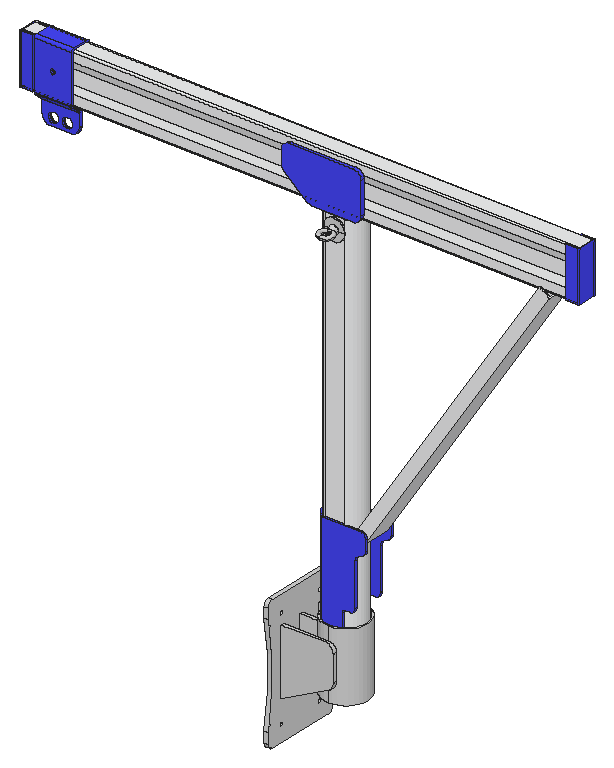
Revit family "FallProtection_DavitBase_Kattsafe_WallMount", category Specialty Equipment, Revit 2025
Family settings
  Round Connector Dimension = Use Diameter
  Part Type = Normal
  OmniClass Number = 23.27.71.21
  Work Plane-Based = No
  Enable Cutting in Views = No
  Always vertical = Yes
  Cut with Voids When Loaded = No
  Maintain Annotation Orientation = No
  Shared = No
  Room Calculation Point = No
Parameters (values of type "1000mm Reach - 1600H (OH510.1600 + OH521)")
  Uniclass2015Version = "Products v1.23"
  Uniclass2015Title = "Davit arms"
  Uniclass2015Code = "Pr_40_70_75_21"
  URL = "https://kattsafe.com.au/"
  Type IFC Predefined Type = "USERDEFINED"
  Type Comments = "1000mm Reach - 1600mm Height Clearance"
  SafetyDisclaimer [instance] = "WARNING! The correct placement of access, fall protection and facade maintenance systems is critical to ensure it is fit-for-purpose and safe for the operator to use. Did you know Kattsafe® have a dedicated team of Height Safety System Design Specialists? Kattsafe® provide one-on-one consultation and system design assistance to ensure you are meeting the stringent requirements of height safety and to give you PEACE OF MIND with your project."  # constant formula
  RightOffset = 907 mm
  OperationalRangeVis [instance] = yes
  OperationalRangeRadius = 1070 mm
  OperationalRangeOA = 1199 mm
  ModifiedIssue = 20240430
  Model = "OH510.1600 + OH521"
  ManufacturerURLProductSpecific = "https://kattsafe.com.au/products/davits-needles/davits"
  ManufacturerSpecCode = Model  # "OH510.1600 + OH521"
  ManufacturerOverallWidth = 2106 mm
  ManufacturerOverallHeight = 2026 mm
  ManufacturerOverallDepth = 300 mm
  ManufacturerHeightFromFFL [instance] = 200 mm
  Manufacturer = "Kattsafe®"  # constant formula
  IfcExportType = "USERDEFINED"
  IfcExportAs = "IfcElementComponentType"
  Export Type to IFC As = "IfcElementComponentType"
  ElementType = "Fall Protection"
  Description = "Kattsafe davits are designed as a cantilevered anchorage device over balustrades, parapets and curtain walls for rope access work."  # constant formula
  Default Elevation = 0 mm
  DavitArmVis = yes
  CreatedByURL = "https://igsgroup.com.au"
  CreatedBy = "IGS BIM Solutions"  # constant formula
  BaseMaterial = Steel_Stainless_Kattsafe_Satin
  Assembly Code = "E1090100"
  ArmWidth = 2106 mm
  ArmVerticalOffset [instance] = ManufacturerHeightFromFFL + 226 mm  # 426 mm
  ArmMaterial = Aluminum_Kattsafe_Satin
  ArmHeight = 1800 mm
  ArmBracketMaterial = Steel_PowderCoat_Kattsafe_Blue
Reference planes
  plane 1 "Center (Front/Back)": y = 0
  plane 2 "Ref. Level": z = 0
  plane 3 "Base Centre (Left/Right)": x = 0
  plane 4 "Back": y = 150
  plane 5 "Front": y = -150
  plane 6 "BaseRight": x = 83
  plane 7 "HostFace": x = -188.1
  plane 8 "MastSleeveTop": z = 650
  plane 9 "Top": z = 2226
  plane 10 "Right": x = 907
  plane 11 "Left": x = -1199
  plane 12 "MastSleeveBottom": z = 392
  plane 13 "Bottom": z = 200
  plane 14 "BaseTop": z = 700
Forms (mm)
  Extrusion 1, solid, material "Steel_Stainless_Kattsafe_Satin" <- "BaseMaterial"
    sketch origin (0, 0, 392) x (0, -1, 0) y (1, 0, 0)
      loop
        circle (0, 0) r 77.15
      loop
        circle (0, 0) r 82.55
    from 258 to 0
  Extrusion 2, solid, material "Steel_Stainless_Kattsafe_Satin" <- "BaseMaterial"
    sketch origin (-188.1, 0, 0) x (0, 1, 0) y (0, 0, 1)
      loop
        line (-130, 200) -> (130, 200)
        arc (130, 200) -> (144.142, 205.858) -> (150, 220) r 20
        line (150, 220) -> (150, 260)
        arc (150, 260) -> (130, 450) -> (150, 640) r 912.5
        line (150, 640) -> (150, 680)
        arc (150, 680) -> (144.142, 694.142) -> (130, 700) r 20
        line (130, 700) -> (-130, 700)
        arc (-130, 700) -> (-144.142, 694.142) -> (-150, 680) r 20
        line (-150, 680) -> (-150, 640)
        arc (-150, 640) -> (-130, 450) -> (-150, 260) r 912.5
        line (-150, 260) -> (-150, 220)
        arc (-150, 220) -> (-144.142, 205.858) -> (-130, 200) r 20
      loop
        circle (-90, 261.769) r 9
      loop
        circle (90, 261.769) r 9
      loop
        circle (-90, 638.231) r 9
      loop
        circle (90, 638.231) r 9
    from 0 to 16
  Extrusion 3, solid, material "Steel_Stainless_Kattsafe_Satin" <- "BaseMaterial"
    sketch origin (0, 0, 0) x (1, 0, 0) y (0, 0, 1)
      loop
        line (-2.1, 600) -> (-172.1, 600) -> (-172.1, 350) -> (11.52, 443.559)
        arc (11.52, 443.559) -> (23.479, 454.614) -> (27.9, 470.289) r 30
        line (27.9, 470.289) -> (27.9, 570)
        arc (27.9, 570) -> (19.113, 591.213) -> (-2.1, 600) r 30
    from 94.6 to 82.6
  Extrusion 4, solid, material "Steel_Stainless_Kattsafe_Satin" <- "BaseMaterial"
    sketch origin (0, 0, 0) x (1, 0, 0) y (0, 0, 1)
      loop
        line (-2.1, 600) -> (-172.1, 600) -> (-172.1, 350) -> (11.52, 443.559)
        arc (11.52, 443.559) -> (23.479, 454.614) -> (27.9, 470.289) r 30
        line (27.9, 470.289) -> (27.9, 570)
        arc (27.9, 570) -> (19.113, 591.213) -> (-2.1, 600) r 30
    from -94.6 to -82.6
  Extrusion 5, solid, material "Steel_Stainless_Kattsafe_Satin" <- "BaseMaterial"
    sketch origin (0, 0, 0) x (1, 0, 0) y (0, 0, 1)
      loop
        line (-172.1, 600) -> (-172.1, 392) -> (-79.672, 392) -> (-79.672, 600) -> (-172.1, 600)
    from -6 to 6
  Extrusion 6, solid, material "Steel_Stainless_Kattsafe_Satin" <- "BaseMaterial"
    sketch origin (2.1, 0, -15) x (1, 0, 0) y (0, 0, 1)
      loop
        line (-174.2, 407) -> (-174.2, 377) -> (-93.452, 377) -> (-54.2, 397) -> (-54.2, 407) -> (-174.2, 407)
    from -6 to 6
  Extrusion 7, solid, material "Steel_Stainless_Kattsafe_Satin" <- "BaseMaterial"
    sketch origin (0, 0, 392) x (0, -1, 0) y (1, 0, 0)
      loop
        circle (0, 0) r 82.55
      loop
        circle (0, 0) r 30
    from 0 to 6
Cuts and joins
  joined: Extrusion 1, Extrusion 5, Extrusion 6, Extrusion 7
Lines and regions (mm)
  Masking region 1
    outline origin (0, 0, 0) x (1, 0, 0) y (0, 1, 0)
      loop
        line (-188.1, 150) -> (-188.1, -150) -> (-172.1, -150) -> (-172.1, -94.6) -> (27.9, -94.6) -> (27.9, -82.6) -> (0, -82.6)
        arc (0, -82.6) -> (82.6, 0) -> (0, 82.6) r 82.6
        line (0, 82.6) -> (27.9, 82.6) -> (27.9, 94.6) -> (-172.1, 94.6) -> (-172.1, 150) -> (-188.1, 150)
  symbolic lines, style "Fall Arrest Systems", detail levels medium+fine
    curve 1: line (-172.1, 82.6, 392) -> (-172.1, -94.6, 392)
    curve 2: line (-172.1, 82.6, 392) -> (0, 82.6, 392)
    curve 3: line (-172.1, -82.6, 392) -> (0, -82.6, 392)
    curve 4: arc (0, 82.6, 392) -> (-82.6, 0, 392) -> (0, -82.6, 392) r 82.6
    curve 7: circle (0, 0, 392) r 77.2 normal (0, 0, 1)
    curve 8: circle (0, 0, 392) r 30 normal (0, 0, -1)
  symbolic lines, style "Fall Arrest Systems", detail levels fine
    curve 5: line (-172.1, 6, 392) -> (-82.382, 6, 392)
    curve 6: line (-172.1, -6, 392) -> (-82.382, -6, 392)
Text (mm)
  text "Disclaimer:\nDue to ongoing product development and manufacturing \nevolution, product details are subject to change without \nnotice. Please refer to product technical data sheets on \nthe manufacturers website for the most current product \ninformation. Please allow a +/- 5mm manufacturing \ntolerance for dimensions and set-outs shown in product \nliterature." at (1573.542, 159.228, 0), in view "Ref. Level"
Dimensions and locks
  equal spacing: plane 5 "Front", plane 1 "Center (Front/Back)", plane 4 "Back"
  "ManufacturerOverallDepth": plane 5 "Front" to plane 4 "Back"
  "ManufacturerOverallWidth": plane 11 "Left" to plane 10 "Right"
  "RightOffset": plane 3 "Base Centre (Left/Right)" to plane 10 "Right"
  locked: plane 7 "HostFace" to plane 6 "BaseRight" at 271.1
  locked: plane 12 "MastSleeveBottom" to plane 13 "Bottom" at 192
  "ManufacturerOverallHeight": plane 9 "Top" to plane 13 "Bottom"
  "ManufacturerHeightFromFFL": plane 13 "Bottom" to plane 2 "Ref. Level"
  locked: nested 8 to Extrusion 1 at 82.55
  locked: plane 3 "Base Centre (Left/Right)" to plane 6 "BaseRight" at 83
  plane 14 "BaseTop" to plane 8 "MastSleeveTop" = 50 mm
  locked: plane 14 "BaseTop" to plane 13 "Bottom" at 500
  aligned and locked: level to plane 2 "Ref. Level"
  aligned and locked: Extrusion 1 to plane 8 "MastSleeveTop"
  aligned and locked: plane 12 "MastSleeveBottom" to Extrusion 1
  aligned and locked: Extrusion 2 sketch curve to plane 14 "BaseTop"
  aligned and locked: plane 13 "Bottom" to Extrusion 2 sketch curve
Automatic sketch dimensions
  Extrusion 1 sketch curve to Extrusion 1 sketch curve = 0 mm  (x2)
  plane 1 "Center (Front/Back)" to Extrusion 1 sketch curve = 0 mm
  Extrusion 1 sketch curve to plane 3 "Base Centre (Left/Right)" = 0 mm
  Extrusion 7 sketch curve to Extrusion 7 sketch curve = 0 mm  (x2)
  plane 1 "Center (Front/Back)" to Extrusion 7 sketch curve = 0 mm
  Extrusion 7 sketch curve to plane 3 "Base Centre (Left/Right)" = 0 mm
  plane 7 "HostFace" to Extrusion 3 sketch curve = 16 mm
  Extrusion 3 sketch curve to plane 3 "Base Centre (Left/Right)" = 2.1 mm  (x2)
  plane 3 "Base Centre (Left/Right)" to Extrusion 3 sketch curve = 11.52 mm
  plane 3 "Base Centre (Left/Right)" to Extrusion 3 sketch curve = 27.9 mm
  plane 12 "MastSleeveBottom" to Extrusion 3 sketch curve = 42 mm
  Extrusion 3 sketch curve to plane 12 "MastSleeveBottom" = 51.559 mm
  plane 8 "MastSleeveTop" to Extrusion 3 sketch curve = 80 mm
  plane 7 "HostFace" to Extrusion 4 sketch curve = 16 mm
  Extrusion 4 sketch curve to plane 3 "Base Centre (Left/Right)" = 2.1 mm  (x2)
  plane 3 "Base Centre (Left/Right)" to Extrusion 4 sketch curve = 11.52 mm
  plane 3 "Base Centre (Left/Right)" to Extrusion 4 sketch curve = 27.9 mm
  plane 12 "MastSleeveBottom" to Extrusion 4 sketch curve = 42 mm
  Extrusion 4 sketch curve to plane 12 "MastSleeveBottom" = 51.559 mm
  plane 8 "MastSleeveTop" to Extrusion 4 sketch curve = 80 mm
  Extrusion 5 sketch curve to plane 12 "MastSleeveBottom" = 0 mm
  plane 7 "HostFace" to Extrusion 5 sketch curve = 16 mm
  Extrusion 5 sketch curve to plane 3 "Base Centre (Left/Right)" = 79.672 mm
  plane 8 "MastSleeveTop" to Extrusion 5 sketch curve = 50 mm
  Extrusion 6 sketch curve to plane 12 "MastSleeveBottom" = 0 mm
  plane 7 "HostFace" to Extrusion 6 sketch curve = 16 mm
  plane 12 "MastSleeveBottom" to Extrusion 6 sketch curve = 30 mm
  Extrusion 6 sketch curve to Extrusion 6 sketch curve = 80.748 mm
  Extrusion 6 sketch curve to Extrusion 6 sketch curve = 39.252 mm
  plane 12 "MastSleeveBottom" to Extrusion 6 sketch curve = 10 mm
  curve 4 to curve 7 = 0 mm  (x2)
  curve 4 to curve 8 = 0 mm  (x2)
  curve 7 to curve 8 = 0 mm  (x2)
  curve 4 to plane 3 "Base Centre (Left/Right)" = 0 mm
  plane 1 "Center (Front/Back)" to curve 4 = 0 mm
  plane 4 "Back" to curve 2 = 67.4 mm
  plane 7 "HostFace" to curve 1 = 16 mm
  curve 5 to plane 1 "Center (Front/Back)" = 6 mm
  plane 1 "Center (Front/Back)" to curve 6 = 6 mm
  curve 3 to curve 1 = 12 mm
  Extrusion 2 sketch curve to plane 5 "Front" = 0 mm  (x2)
  Extrusion 2 sketch curve to plane 4 "Back" = 0 mm  (x2)
  Extrusion 2 sketch curve to plane 12 "MastSleeveBottom" = 58 mm  (x2)
  plane 5 "Front" to Extrusion 2 sketch curve = 892.5 mm
  Extrusion 2 sketch curve to plane 5 "Front" = 20 mm  (x2)
  plane 8 "MastSleeveTop" to Extrusion 2 sketch curve = 11.769 mm  (x2)
  Extrusion 2 sketch curve to Extrusion 2 sketch curve = 40 mm  (x4)
  plane 4 "Back" to Extrusion 2 sketch curve = 60 mm  (x2)
  Extrusion 2 sketch curve to Extrusion 2 sketch curve = 20 mm  (x2)
  Extrusion 2 sketch curve to plane 4 "Back" = 892.5 mm
  Extrusion 2 sketch curve to Extrusion 2 sketch curve = 41.769 mm  (x2)
  plane 4 "Back" to Masking region 1 sketch curve = 0 mm
  Masking region 1 sketch curve to plane 7 "HostFace" = 0 mm
  plane 5 "Front" to Masking region 1 sketch curve = 0 mm
  Masking region 1 sketch curve to plane 3 "Base Centre (Left/Right)" = 0 mm  (x3)
  plane 1 "Center (Front/Back)" to Masking region 1 sketch curve = 0 mm
  plane 7 "HostFace" to Masking region 1 sketch curve = 16 mm  (x2)
  plane 3 "Base Centre (Left/Right)" to Masking region 1 sketch curve = 27.9 mm
  Masking region 1 sketch curve to Masking region 1 sketch curve = 27.9 mm
  Masking region 1 sketch curve to plane 5 "Front" = 55.4 mm
  Masking region 1 sketch curve to Masking region 1 sketch curve = 12 mm  (x2)
  plane 4 "Back" to Masking region 1 sketch curve = 67.4 mm
  Masking region 1 sketch curve to Masking region 1 sketch curve = 0 mm
  radius of Extrusion 1 sketch curve = 77.15 mm
  radius of Extrusion 1 sketch curve = 82.55 mm
  radius of Extrusion 7 sketch curve = 82.55 mm
  radius of Extrusion 7 sketch curve = 30 mm
  radius of curve 7 = 77.2 mm
  radius of curve 8 = 30 mm
  radius of Extrusion 2 sketch curve = 9 mm  (x4)
Nested families
  nested 1: "Ropeaccess_Davitarm_Kattsafe" at (607, 0, 426), visible <- "DavitArmVis", built-in parameter 1001364 <- "ArmVerticalOffset", ManufacturerOverallHeight <- "ArmHeight", ManufacturerOverallWidth <- "ArmWidth", type "Type 1"
    with ManufacturerOverallWidth 2106 mm, ManufacturerOverallHeight 1800 mm, ManufacturerHeightFromFFL 0 mm
  nested 2: "OperationalReach_DavitArm_Kattsafe" at (0, 0, 200) x (-0.7071, -0.7071, 0) z (0, 0, -1), OperationalReach <- "OperationalRangeOA", visible <- "OperationalRangeVis", CircleRadius <- "OperationalRangeRadius", type "Type 1"
    with OperationalReach 1199 mm, CircleVis yes, CircleRadius 1070 mm
  nested 3: "OperationalReach_DavitArm_Kattsafe" at (0, 0, 200) x (0.7071, -0.7071, 0) z (0, 0, -1), OperationalReach <- "OperationalRangeOA", visible <- "OperationalRangeVis", CircleRadius <- "OperationalRangeOA", type "Type 1"
    with OperationalReach 1199 mm, CircleVis no, CircleRadius 1199 mm
  nested 4: "OperationalReach_DavitArm_Kattsafe" at (0, 0, 200) x (-1, 0, 0) z (0, 0, -1), OperationalReach <- "OperationalRangeOA", visible <- "OperationalRangeVis", CircleRadius <- "OperationalRangeOA", type "Type 1"
    with OperationalReach 1199 mm, CircleVis no, CircleRadius 1199 mm
  nested 5: "OperationalReach_DavitArm_Kattsafe" at (0, 0, 200) x (-0.7071, 0.7071, 0) z (0, 0, -1), OperationalReach <- "OperationalRangeOA", visible <- "OperationalRangeVis", CircleRadius <- "OperationalRangeOA", type "Type 1"
    with OperationalReach 1199 mm, CircleVis no, CircleRadius 1199 mm
  nested 6: "OperationalReach_DavitArm_Kattsafe" at (0, 0, 200) x (0, 1, 0) z (0, 0, -1), OperationalReach <- "OperationalRangeOA", visible <- "OperationalRangeVis", CircleRadius <- "OperationalRangeOA", type "Type 1"
    with OperationalReach 1199 mm, CircleVis no, CircleRadius 1199 mm
  nested 7: "OperationalReach_DavitArm_Kattsafe" at (0, 0, 200) x (0.7071, 0.7071, 0) z (0, 0, -1), OperationalReach <- "OperationalRangeOA", visible <- "OperationalRangeVis", CircleRadius <- "OperationalRangeOA", type "Type 1"
    with OperationalReach 1199 mm, CircleVis no, CircleRadius 1199 mm
  nested 8: "OperationalReach_DavitArm_Kattsafe" at (0, 0, 200) x (1, 0, 0) z (0, 0, -1), OperationalReach <- "OperationalRangeOA", visible <- "OperationalRangeVis", CircleRadius <- "OperationalRangeOA", type "Type 1"
    with OperationalReach 1199 mm, CircleVis no, CircleRadius 1199 mm
Definition of nested family "Ropeaccess_Davitarm_Kattsafe"
  Parameters (values of type "Type 1")
    Uniclass2015Version = "Products v1.20"
    Uniclass2015Title = "Davit arms"
    Uniclass2015Code = "Pr_40_70_75_21"
    URL = "https://kattsafe.com.au/"
    Type IFC Predefined Type = "NOTDEFINED\r\nq"
    Type Comments = ""
    ModifiedIssue = 20210726
    Model = ""
    ManufacturerURLProductSpecific = ""
    ManufacturerSpecCode = Model  # ""
    ManufacturerOverallWidth [instance] = 2106 mm
    ManufacturerOverallHeight [instance] = 1805 mm
    ManufacturerOverallDepth = 246.6 mm
    ManufacturerHeightFromFFL [instance] = 0 mm
    Manufacturer = "Sayfa"  # constant formula
    IfcExportType = "NOTDEFINED\r\nq"
    IfcExportAs = "IfcElementComponentType"
    FixingMaterials = none
    Export Type to IFC As = "IfcElementComponentType"
    Description = "A Proprietary Facade Rope Access System Providing Access Over Non\r\nLoad-bearing Parapets, Balustrades And Curtain Walls"
    Default Elevation = 0 mm
    CreatedByURL = "https://igsgroup.com.au"
    CreatedBy = "IGS BIM Solutions"  # constant formula
    BracketMaterial = none
    ArmMaterial = none
  Reference planes
    plane 1 "Centre (Front/Back)": y = 0
    plane 2 "Ref. Level": z = 0
    plane 3 "MastCentre": x = -607
    plane 4 "Back": y = 123.3
    plane 5 "Front": y = -123.3
    plane 6 "Right": x = 300
    plane 7 "Left": x = -1806
    plane 8 "Bottom": z = 0
    plane 9 "Centre (Elevation)": z = 902.5
    plane 10 "Top": z = 1805
    plane 11 "BaseTop": z = 570
    plane 12 "BraceBottomPivot": z = 540
    plane 13 "ArmTop": z = 1800
    plane 14 "ArmBack": y = 35
    plane 15 "ArmFront": y = -35
    plane 16 "ArmBottom": z = 1610
    plane 17 "ArmLeft": x = -1803
    plane 18 "ArmRight": x = 297
    plane 19 "RiggingAnchor": x = -1677
    plane 20 "BraceTopPivot": z = 1630.005
    plane 21 "ArmBracePivot": x = 187
    plane 22 "ArmCentre_Elevation": z = 1705
    plane 23 "MastJoinTop": z = 1780
    plane 24 "MastJoinBottom": z = 1600
    plane 25 "MastJoinRight": x = -512
    plane 26 "MastJoinLeft": x = -812
    plane 27 "MastFront": y = -56.8
    plane 28 "MastBack": y = 56.8
    plane 29 "BraceTop": z = 1616.005
    plane 30 "BracketCentre": z = 1555
    plane 31 "BracketFrontCentre": y = -94
    plane 32 "BracketBackCentre": y = 94
  Forms (mm)
    Extrusion 1, solid, material <- "ArmMaterial"
      sketch origin (297, 0, 0) x (0, 1, 0) y (0, 0, 1)
        loop
          arc (30, 1610) -> (33.536, 1611.464) -> (35, 1615) r 5
          line (35, 1615) -> (35, 1650) -> (25, 1678) -> (25, 1732) -> (35, 1760) -> (35, 1795)
          arc (35, 1795) -> (33.536, 1798.536) -> (30, 1800) r 5
          line (30, 1800) -> (-30, 1800)
          arc (-30, 1800) -> (-33.536, 1798.536) -> (-35, 1795) r 5
          line (-35, 1795) -> (-35, 1760) -> (-25, 1732) -> (-25, 1678) -> (-35, 1650) -> (-35, 1615)
          arc (-35, 1615) -> (-33.536, 1611.464) -> (-30, 1610) r 5
          line (-30, 1610) -> (30, 1610)
      from -2100 to 0
    Extrusion 2, solid, material <- "BracketMaterial"
      sketch origin (0, 0, 1800) x (0, -1, 0) y (1, 0, 0)
        loop
          arc (34, -1806) -> (36.828, -1804.828) -> (38, -1802) r 4
          line (38, -1802) -> (38, -1756) -> (35, -1756) -> (35, -1802)
          arc (35, -1802) -> (34.707, -1802.707) -> (34, -1803) r 1
          line (34, -1803) -> (-34, -1803)
          arc (-34, -1803) -> (-34.707, -1802.707) -> (-35, -1802) r 1
          line (-35, -1802) -> (-35, -1756) -> (-38, -1756) -> (-38, -1802)
          arc (-38, -1802) -> (-36.828, -1804.828) -> (-34, -1806) r 4
          line (-34, -1806) -> (34, -1806)
        loop
          line (34, 300) -> (-34, 300)
          arc (-34, 300) -> (-36.828, 298.828) -> (-38, 296) r 4
          line (-38, 296) -> (-38, 250) -> (-35, 250) -> (-35, 296)
          arc (-35, 296) -> (-34.707, 296.707) -> (-34, 297) r 1
          line (-34, 297) -> (34, 297)
          arc (34, 297) -> (34.707, 296.707) -> (35, 296) r 1
          line (35, 296) -> (35, 250) -> (38, 250) -> (38, 296)
          arc (38, 296) -> (36.828, 298.828) -> (34, 300) r 4
      from 0 to -190
    Extrusion 3, solid, material <- "ArmMaterial"
      sketch origin (0, 0, 0) x (0, -1, 0) y (1, 0, 0)
        loop
          line (56.8, -647) -> (51.8, -647) -> (51.8, -567) -> (56.8, -567)
          arc (56.8, -567) -> (0, -537) -> (-56.8, -567) r 68.771
          line (-56.8, -567) -> (-51.8, -567) -> (-51.8, -647) -> (-56.8, -647)
          arc (-56.8, -647) -> (0, -677) -> (56.8, -647) r 68.771
      from 0 to 1600
    Extrusion 4, solid, material <- "BracketMaterial"
      sketch origin (0, -35, 0) x (1, 0, 0) y (0, 0, 1)
        loop
          line (-542, 1780) -> (-782, 1780)
          arc (-782, 1780) -> (-803.213, 1771.213) -> (-812, 1750) r 30
          line (-812, 1750) -> (-812, 1701.256)
          arc (-812, 1701.256) -> (-809.189, 1688.577) -> (-801.284, 1678.274) r 30
          line (-801.284, 1678.274) -> (-716.365, 1607.019)
          arc (-716.365, 1607.019) -> (-707.341, 1601.809) -> (-697.081, 1600) r 30
          line (-697.081, 1600) -> (-542, 1600)
          arc (-542, 1600) -> (-520.787, 1608.787) -> (-512, 1630) r 30
          line (-512, 1630) -> (-512, 1750)
          arc (-512, 1750) -> (-520.787, 1771.213) -> (-542, 1780) r 30
      from 0 to 12.508
    Extrusion 5, solid, material <- "BracketMaterial"
      sketch origin (0, 35, 0) x (1, 0, 0) y (0, 0, 1)
        loop
          line (-542, 1780) -> (-782, 1780)
          arc (-782, 1780) -> (-803.213, 1771.213) -> (-812, 1750) r 30
          line (-812, 1750) -> (-812, 1701.256)
          arc (-812, 1701.256) -> (-809.189, 1688.577) -> (-801.284, 1678.274) r 30
          line (-801.284, 1678.274) -> (-716.365, 1607.019)
          arc (-716.365, 1607.019) -> (-707.341, 1601.809) -> (-697.081, 1600) r 30
          line (-697.081, 1600) -> (-542, 1600)
          arc (-542, 1600) -> (-520.787, 1608.787) -> (-512, 1630) r 30
          line (-512, 1630) -> (-512, 1750)
          arc (-512, 1750) -> (-520.787, 1771.213) -> (-542, 1780) r 30
      from 0 to -12.5
    Extrusion 6, solid, material <- "ArmMaterial"
      sketch origin (0, 0, 1610) x (0, -1, 0) y (1, 0, 0)
        loop
          arc (-35, -667.427) -> (0, -677) -> (35, -667.427) r 68.771
          line (35, -667.427) -> (35, -546.573)
          arc (35, -546.573) -> (0, -537) -> (-35, -546.573) r 68.771
          line (-35, -546.573) -> (-35, -667.427)
      from 0 to -10
    Extrusion 7, solid, material <- "BracketMaterial"
      sketch origin (-1677, 0, 0) x (0, 1, 0) y (0, 0, 1)
        loop
          line (-30, 1800) -> (30, 1800)
          arc (30, 1800) -> (33.536, 1798.536) -> (35, 1795) r 5
          line (35, 1795) -> (35, 1610.432)
          arc (35, 1610.432) -> (34.918, 1610.035) -> (34.686, 1609.704) r 1
          line (34.686, 1609.704) -> (2.386, 1579.277)
          arc (2.386, 1579.277) -> (0.992, 1577.288) -> (0.5, 1574.909) r 6
          line (0.5, 1574.909) -> (0.5, 1495.5) -> (5.5, 1495.5) -> (5.5, 1574.909)
          arc (5.5, 1574.909) -> (5.582, 1575.306) -> (5.814, 1575.637) r 1
          line (5.814, 1575.637) -> (38.114, 1606.064)
          arc (38.114, 1606.064) -> (39.508, 1608.053) -> (40, 1610.432) r 6
          line (40, 1610.432) -> (40, 1795)
          arc (40, 1795) -> (37.071, 1802.071) -> (30, 1805) r 10
          line (30, 1805) -> (-30, 1805)
          arc (-30, 1805) -> (-37.071, 1802.071) -> (-40, 1795) r 10
          line (-40, 1795) -> (-40, 1610.432)
          arc (-40, 1610.432) -> (-39.508, 1608.053) -> (-38.114, 1606.064) r 6
          line (-38.114, 1606.064) -> (-5.814, 1575.637)
          arc (-5.814, 1575.637) -> (-5.582, 1575.306) -> (-5.5, 1574.909) r 1
          line (-5.5, 1574.909) -> (-5.5, 1495.5) -> (-0.5, 1495.5) -> (-0.5, 1574.909)
          arc (-0.5, 1574.909) -> (-0.992, 1577.288) -> (-2.386, 1579.277) r 6
          line (-2.386, 1579.277) -> (-34.686, 1609.704)
          arc (-34.686, 1609.704) -> (-34.918, 1610.035) -> (-35, 1610.432) r 1
          line (-35, 1610.432) -> (-35, 1795)
          arc (-35, 1795) -> (-33.536, 1798.536) -> (-30, 1800) r 5
      from -70 to 70
    Extrusion 8, void
      sketch origin (0, 0, 0) x (1, 0, 0) y (0, 0, 1)
        loop
          line (-1747, 1525.5) -> (-1747, 1495.5) -> (-1717, 1495.5)
          arc (-1717, 1495.5) -> (-1738.213, 1504.287) -> (-1747, 1525.5) r 30
        loop
          arc (-1607, 1525.5) -> (-1615.787, 1504.287) -> (-1637, 1495.5) r 30
          line (-1637, 1495.5) -> (-1607, 1495.5) -> (-1607, 1525.5)
        loop
          circle (-1677, 1705) r 9
        loop
          circle (-1703, 1525.5) r 20
        loop
          circle (-1651, 1525.5) r 20
      from -50 to 50
    Extrusion 9, solid, material <- "BracketMaterial"
      sketch origin (0, -56.8, 0) x (1, 0, 0) y (0, 0, 1)
        loop
          line (-569.5, 0) -> (-569.5, 275)
          arc (-569.5, 275) -> (-566.571, 282.071) -> (-559.5, 285) r 10
          line (-559.5, 285) -> (-542, 285)
          arc (-542, 285) -> (-527.858, 290.858) -> (-522, 305) r 20
          line (-522, 305) -> (-522, 465.214)
          arc (-522, 465.214) -> (-519.143, 475.515) -> (-511.389, 482.873) r 20
          line (-511.389, 482.873) -> (-492.611, 492.858)
          arc (-492.611, 492.858) -> (-484.857, 500.216) -> (-482, 510.517) r 20
          line (-482, 510.517) -> (-482, 550)
          arc (-482, 550) -> (-487.858, 564.142) -> (-502, 570) r 20
          line (-502, 570) -> (-644.5, 570) -> (-644.5, 0) -> (-569.5, 0)
      from 0 to 6
    Extrusion 10, solid, material <- "BracketMaterial"
      sketch origin (0, 56.8, 0) x (1, 0, 0) y (0, 0, -1)
        loop
          line (-569.5, 0) -> (-644.5, 0) -> (-644.5, -570) -> (-502, -570)
          arc (-502, -570) -> (-487.858, -564.142) -> (-482, -550) r 20
          line (-482, -550) -> (-482, -510.517)
          arc (-482, -510.517) -> (-484.857, -500.216) -> (-492.611, -492.858) r 20
          line (-492.611, -492.858) -> (-511.389, -482.873)
          arc (-511.389, -482.873) -> (-519.143, -475.515) -> (-522, -465.214) r 20
          line (-522, -465.214) -> (-522, -305)
          arc (-522, -305) -> (-527.858, -290.858) -> (-542, -285) r 20
          line (-542, -285) -> (-559.5, -285)
          arc (-559.5, -285) -> (-566.571, -282.071) -> (-569.5, -275) r 10
          line (-569.5, -275) -> (-569.5, 0)
      from 0 to 6
    Extrusion 11, solid, material <- "BracketMaterial"
      sketch origin (0, 0, 0) x (0, -1, 0) y (1, 0, 0)
        loop
          line (-62.8, -569.5) -> (-56.8, -569.5) -> (-56.8, -567)
          arc (-56.8, -567) -> (0, -537) -> (56.8, -567) r 68.771
          line (56.8, -567) -> (56.8, -569.5) -> (62.8, -569.5) -> (62.8, -565.784)
          arc (62.8, -565.784) -> (62.716, -565.21) -> (62.471, -564.685) r 2
          arc (62.471, -564.685) -> (0, -531) -> (-62.471, -564.685) r 74.771
          arc (-62.471, -564.685) -> (-62.716, -565.21) -> (-62.8, -565.784) r 2
          line (-62.8, -565.784) -> (-62.8, -569.5)
      from 0 to 100
    Extrusion 12, solid, material <- "BracketMaterial"
      sketch origin (0, 0, 570) x (0, -1, 0) y (1, 0, 0)
        loop
          line (-62.8, -644.5) -> (-62.8, -648.216)
          arc (-62.8, -648.216) -> (-62.716, -648.79) -> (-62.471, -649.315) r 2
          arc (-62.471, -649.315) -> (0, -683) -> (62.471, -649.315) r 74.771
          arc (62.471, -649.315) -> (62.716, -648.79) -> (62.8, -648.216) r 2
          line (62.8, -648.216) -> (62.8, -644.5) -> (56.8, -644.5) -> (56.8, -647)
          arc (56.8, -647) -> (0, -677) -> (-56.8, -647) r 68.771
          line (-56.8, -647) -> (-56.8, -644.5) -> (-62.8, -644.5)
      from 0 to -370
    Sweep 13, solid, material <- "ArmMaterial"
      path in 3D
        loop
          line (180.587, 0, 1616.005) -> (-512, 0, 540)
      profile origin (-165.706, 0, 1078.002) x (0.840869, 0, -0.541238) y (0, -1, 0)
        loop
          line (23, 50) -> (-23, 50) -> (-23, 45) -> (18, 45) -> (18, -45) -> (-23, -45) -> (-23, -50) -> (23, -50) -> (23, 50)
    Revolve 14, solid, material <- "FixingMaterials", detail levels medium+fine
      sketch origin (-607, 0, 0) x (0, 1, 0) y (0, 0, 1)
        loop
          circle (-117.05, 1555) r 6.25
        axis (-94, 1555) -> (-94, 1554)
      angle from 0 to 360
    Revolve 15, solid, material <- "FixingMaterials", detail levels medium+fine
      sketch origin (0, 0, 1555) x (0, -1, 0) y (1, 0, 0)
        loop
          arc (58.445, -590.448) -> (57.33, -590.551) -> (56.8, -591.538) r 1.183
          line (56.8, -591.538) -> (56.8, -567) -> (51.8, -567) -> (51.8, -607) -> (77.8, -607) -> (77.8, -600.001)
          arc (77.8, -600.001) -> (77.464, -598.886) -> (76.569, -598.142) r 2.02
          line (76.569, -598.142) -> (58.445, -590.448)
        axis (77.8, -607) -> (51.8, -607)
      angle from 0 to 360
    Revolve 16, solid, material <- "FixingMaterials", detail levels medium+fine
      sketch origin (-607, 0, 0) x (0, -1, 0) y (0, 0, 1)
        loop
          circle (-117.05, 1555) r 6.25
        axis (-94, 1555) -> (-94, 1554)
      angle from 0 to 360
    Revolve 17, solid, material <- "FixingMaterials", detail levels medium+fine
      sketch origin (0, 0, 1555) x (0, 1, 0) y (1, 0, 0)
        loop
          arc (58.445, -590.448) -> (57.33, -590.551) -> (56.8, -591.538) r 1.183
          line (56.8, -591.538) -> (56.8, -567) -> (51.8, -567) -> (51.8, -607) -> (77.8, -607) -> (77.8, -600.001)
          arc (77.8, -600.001) -> (77.464, -598.886) -> (76.569, -598.142) r 2.02
          line (76.569, -598.142) -> (58.445, -590.448)
        axis (77.8, -607) -> (51.8, -607)
      angle from 0 to 360
  Cuts and joins
    joined: Extrusion 3, Extrusion 6
    Extrusion 8 cuts Extrusion 7
    joined: Extrusion 9, Extrusion 10, Extrusion 11, Extrusion 12
    joined: Revolve 14, Revolve 15
  Lines and regions (mm)
    Masking region 1
      outline origin (0, 0, 902.5) x (0, -1, 0) y (1, 0, 0)
        loop
          arc (34, -1806) -> (36.828, -1804.828) -> (38, -1802) r 4
          line (38, -1802) -> (38, -1756) -> (35, -1756) -> (35, -1742) -> (40, -1742) -> (40, -1607) -> (35, -1607) -> (35, -812) -> (47.5, -812) -> (47.5, -665.974)
          arc (47.5, -665.974) -> (55.814, -657.984) -> (62.8, -648.81) r 74.771
          line (62.8, -648.81) -> (62.8, -621.715) -> (67.396, -619.765)
          arc (67.396, -619.765) -> (122.986, -607.325) -> (67.532, -594.293) r 29.222
          line (67.532, -594.293) -> (62.8, -592.285) -> (62.8, -482) -> (56.8, -482) -> (56.8, -557.145)
          arc (56.8, -557.145) -> (52.349, -552.383) -> (47.5, -548.026) r 74.771
          line (47.5, -548.026) -> (47.5, -531.34) -> (50, -531.34) -> (50, 236.374) -> (45, 236.374) -> (45, 199.927) -> (35, 199.927) -> (35, 250) -> (38, 250) -> (38, 296)
          arc (38, 296) -> (36.828, 298.828) -> (34, 300) r 4
          line (34, 300) -> (-34, 300)
          arc (-34, 300) -> (-36.828, 298.828) -> (-38, 296) r 4
          line (-38, 296) -> (-38, 250) -> (-35, 250) -> (-35, 199.927) -> (-45, 199.927) -> (-45, 236.374) -> (-50, 236.374) -> (-50, -531.34) -> (-47.5, -531.34) -> (-47.5, -548.026)
          arc (-47.5, -548.026) -> (-52.349, -552.383) -> (-56.8, -557.145) r 74.771
          line (-56.8, -557.145) -> (-56.8, -482) -> (-62.8, -482) -> (-62.8, -592.285) -> (-67.532, -594.293)
          arc (-67.532, -594.293) -> (-122.986, -607.325) -> (-67.396, -619.765) r 29.222
          line (-67.396, -619.765) -> (-62.8, -621.715) -> (-62.8, -648.81)
          arc (-62.8, -648.81) -> (-55.814, -657.984) -> (-47.5, -665.974) r 74.771
          line (-47.5, -665.974) -> (-47.5, -812) -> (-35, -812) -> (-35, -1607) -> (-40, -1607) -> (-40, -1742) -> (-35, -1742) -> (-35, -1756) -> (-38, -1756) -> (-38, -1802)
          arc (-38, -1802) -> (-36.828, -1804.828) -> (-34, -1806) r 4
          line (-34, -1806) -> (34, -1806)
        loop
          line (77.8, -602.55) -> (77.8, -611.45)
          arc (77.8, -611.45) -> (110.8, -607) -> (77.8, -602.55) r 16.8
        loop
          arc (-77.8, -602.55) -> (-110.8, -607) -> (-77.8, -611.45) r 16.8
          line (-77.8, -611.45) -> (-77.8, -602.55)
    reference lines
      curve 1: line (180.587, 0, 1616.005) -> (-512, 0, 540)
    sketch lines
      curve 2: line (180.587, 0, 1616.005) -> (-512, 0, 540)
    symbolic lines, detail levels medium+fine
      curve 3: line (-1756, -35, 1555) -> (-1802, -35, 1555)
      curve 4: arc (-1802, -35, 1555) -> (-1802.707, -34.707, 1555) -> (-1803, -34, 1555) r 1
      curve 5: line (-1803, 34, 1555) -> (-1803, -34, 1555)
      curve 6: line (-1756, 35, 1555) -> (-1802, 35, 1555)
      curve 7: arc (-1802, 35, 1555) -> (-1802.707, 34.707, 1555) -> (-1803, 34, 1555) r 1
      curve 8: line (-1742, 35, 1555) -> (-1742, -35, 1555)
      curve 9: line (-1607, 35, 1555) -> (-1607, -35, 1555)
      curve 10: line (-812, -35, 1555) -> (-402, -35, 1555)
      curve 11: line (-812, 35, 1555) -> (-402, 35, 1555)
      curve 12: line (-665.974, -47.5, 1555) -> (-548.026, -47.5, 1555)
      curve 13: line (-665.974, 47.5, 1555) -> (-548.026, 47.5, 1555)
      curve 14: line (199.927, -45, 1555) -> (-402, -45, 1555)
      curve 15: line (-402, -35, 1555) -> (199.927, -35, 1555)
      curve 16: line (199.927, 35, 1555) -> (-402, 35, 1555)
      curve 17: line (199.927, 45, 1555) -> (-402, 45, 1555)
      curve 18: arc (-647, 56.8, 1555) -> (-652.724, 52.437, 1555) -> (-657.96, 47.5, 1555) r 68.771
      curve 19: line (-647, 56.8, 1555) -> (-557.145, 56.8, 1555)
      curve 20: line (-647, -56.8, 1555) -> (-557.145, -56.8, 1555)
      curve 21: arc (-647, -56.8, 1555) -> (-652.724, -52.437, 1555) -> (-657.96, -47.5, 1555) r 68.771
      curve 22: line (250, -35, 1555) -> (296, -35, 1555)
      curve 23: arc (296, -35, 1555) -> (296.707, -34.707, 1555) -> (297, -34, 1555) r 1
      curve 24: line (297, 34, 1555) -> (297, -34, 1555)
      curve 25: line (250, 35, 1555) -> (296, 35, 1555)
      curve 26: arc (296, 35, 1555) -> (296.707, 34.707, 1555) -> (297, 34, 1555) r 1
  Text (mm)
    text "Disclaimer:\nDue to ongoing product development and manufacturing \nevolution, product details are subject to change without \nnotice. Please refer to product technical data sheets on \nthe manufacturers website for the most current product \ninformation. Please allow a +/- 5mm manufacturing \ntolerance for dimensions and set-outs shown in product \nliterature." at (985.527, 159.228, 0), in view "Ref. Level"
  Dimensions and locks
    "ManufacturerOverallWidth": plane 7 "Left" to plane 6 "Right"
    equal spacing: plane 5 "Front", plane 1 "Centre (Front/Back)", plane 4 "Back"
    "ManufacturerOverallDepth": plane 5 "Front" to plane 4 "Back"
    equal spacing: plane 10 "Top", plane 9 "Centre (Elevation)", plane 8 "Bottom"
    "ManufacturerOverallHeight": plane 10 "Top" to plane 8 "Bottom"
    "ManufacturerHeightFromFFL": plane 8 "Bottom" to plane 2 "Ref. Level"
    plane 11 "BaseTop" to plane 12 "BraceBottomPivot" = 30 mm
    locked: plane 11 "BaseTop" to plane 8 "Bottom" at 570
    locked: plane 10 "Top" to plane 13 "ArmTop" at 5
    locked: plane 3 "MastCentre" to plane 6 "Right" at 907
    locked: plane 15 "ArmFront" to plane 14 "ArmBack" at 70
    equal spacing: plane 15 "ArmFront", plane 1 "Centre (Front/Back)", plane 14 "ArmBack"
    locked: plane 13 "ArmTop" to plane 16 "ArmBottom" at 190
    locked: plane 7 "Left" to plane 17 "ArmLeft" at 3
    locked: plane 18 "ArmRight" to plane 6 "Right" at 3
    locked: plane 17 "ArmLeft" to plane 19 "RiggingAnchor" at 126
    plane 20 "BraceTopPivot" to plane 16 "ArmBottom" = 20.005 mm
    locked: plane 21 "ArmBracePivot" to plane 18 "ArmRight" at 110
    equal spacing: plane 13 "ArmTop", plane 22 "ArmCentre_Elevation", plane 16 "ArmBottom"
    locked: plane 13 "ArmTop" to plane 23 "MastJoinTop" at 20
    plane 16 "ArmBottom" to plane 24 "MastJoinBottom" = 10 mm
    locked: plane 27 "MastFront" to plane 15 "ArmFront" at 21.8
    locked: plane 14 "ArmBack" to plane 28 "MastBack" at 21.8
    locked: plane 20 "BraceTopPivot" to plane 29 "BraceTop" at 14
    locked: plane 24 "MastJoinBottom" to plane 30 "BracketCentre" at 45
    locked: plane 31 "BracketFrontCentre" to plane 1 "Centre (Front/Back)" at 94
    locked: plane 1 "Centre (Front/Back)" to plane 32 "BracketBackCentre" at 94
    locked: plane 26 "MastJoinLeft" to plane 3 "MastCentre" at 205
    locked: plane 3 "MastCentre" to plane 25 "MastJoinRight" at 95
    aligned and locked: level to plane 2 "Ref. Level"
    aligned and locked: Extrusion 1 to plane 17 "ArmLeft"
    aligned and locked: plane 6 "Right" to Extrusion 2 sketch curve
    aligned and locked: Extrusion 2 sketch curve to plane 18 "ArmRight"
    aligned and locked: plane 7 "Left" to Extrusion 2 sketch curve
    aligned and locked: Extrusion 2 sketch curve to plane 17 "ArmLeft"
    aligned and locked: plane 16 "ArmBottom" to Extrusion 2
    aligned and locked: cut or joined group of Extrusion 3, Extrusion 6 to plane 24 "MastJoinBottom"
    aligned and locked: plane 29 "BraceTop" to curve 1
  Automatic sketch dimensions
    Extrusion 2 sketch curve to Extrusion 2 sketch curve = 0 mm  (x8)
    plane 14 "ArmBack" to Extrusion 2 sketch curve = 0 mm  (x2)
    plane 15 "ArmFront" to Extrusion 2 sketch curve = 0 mm  (x2)
    plane 14 "ArmBack" to Extrusion 2 sketch curve = 1 mm
    Extrusion 2 sketch curve to Extrusion 2 sketch curve = 1 mm  (x2)
    Extrusion 2 sketch curve to plane 15 "ArmFront" = 1 mm
    Extrusion 2 sketch curve to Extrusion 2 sketch curve = 46 mm  (x4)
    Extrusion 3 sketch curve to plane 28 "MastBack" = 0 mm  (x2)
    plane 1 "Centre (Front/Back)" to Extrusion 3 sketch curve = 0 mm  (x2)
    plane 27 "MastFront" to Extrusion 3 sketch curve = 0 mm  (x2)
    Extrusion 3 sketch curve to Extrusion 3 sketch curve = 5 mm  (x2)
    Extrusion 3 sketch curve to plane 3 "MastCentre" = 40 mm
    Extrusion 3 sketch curve to plane 3 "MastCentre" = 1.229 mm
    plane 3 "MastCentre" to Extrusion 3 sketch curve = 1.229 mm
    plane 3 "MastCentre" to Extrusion 3 sketch curve = 40 mm
    plane 14 "ArmBack" to Extrusion 6 sketch curve = 0 mm
    plane 1 "Centre (Front/Back)" to Extrusion 6 sketch curve = 0 mm  (x2)
    plane 15 "ArmFront" to Extrusion 6 sketch curve = 0 mm
    Extrusion 6 sketch curve to plane 3 "MastCentre" = 60.427 mm
    Extrusion 6 sketch curve to plane 3 "MastCentre" = 1.229 mm
    plane 3 "MastCentre" to Extrusion 6 sketch curve = 1.229 mm
    Extrusion 6 sketch curve to plane 25 "MastJoinRight" = 34.573 mm
    Extrusion 8 sketch curve to plane 19 "RiggingAnchor" = 0 mm
    Extrusion 8 sketch curve to plane 22 "ArmCentre_Elevation" = 0 mm
    Extrusion 8 sketch curve to plane 19 "RiggingAnchor" = 26 mm
    Extrusion 8 sketch curve to Extrusion 8 sketch curve = 14 mm  (x2)
    Extrusion 8 sketch curve to Extrusion 8 sketch curve = 30 mm  (x3)
    plane 19 "RiggingAnchor" to Extrusion 8 sketch curve = 26 mm
    plane 30 "BracketCentre" to Extrusion 8 sketch curve = 29.5 mm  (x3)
    Extrusion 8 sketch curve to Extrusion 8 sketch curve = 0 mm  (x4)
    Extrusion 9 sketch curve to plane 8 "Bottom" = 0 mm
    Extrusion 9 sketch curve to plane 11 "BaseTop" = 0 mm
    Extrusion 9 sketch curve to plane 3 "MastCentre" = 37.5 mm
    plane 3 "MastCentre" to Extrusion 9 sketch curve = 37.5 mm
    Extrusion 9 sketch curve to Extrusion 9 sketch curve = 10 mm
    Extrusion 9 sketch curve to Extrusion 9 sketch curve = 17.5 mm
    Extrusion 9 sketch curve to plane 25 "MastJoinRight" = 10 mm
    plane 25 "MastJoinRight" to Extrusion 9 sketch curve = 0.611 mm
    plane 25 "MastJoinRight" to Extrusion 9 sketch curve = 10 mm  (x3)
    plane 25 "MastJoinRight" to Extrusion 9 sketch curve = 19.389 mm
    Extrusion 9 sketch curve to plane 12 "BraceBottomPivot" = 10 mm
    plane 12 "BraceBottomPivot" to Extrusion 9 sketch curve = 265 mm
    plane 12 "BraceBottomPivot" to Extrusion 9 sketch curve = 74.786 mm
    Extrusion 9 sketch curve to Extrusion 9 sketch curve = 9.985 mm
    Extrusion 10 sketch curve to plane 8 "Bottom" = 0 mm
    Extrusion 10 sketch curve to plane 11 "BaseTop" = 0 mm
    plane 3 "MastCentre" to Extrusion 10 sketch curve = 37.5 mm
    Extrusion 10 sketch curve to plane 3 "MastCentre" = 37.5 mm
    Extrusion 10 sketch curve to Extrusion 10 sketch curve = 10 mm
    Extrusion 10 sketch curve to Extrusion 10 sketch curve = 17.5 mm
    plane 25 "MastJoinRight" to Extrusion 10 sketch curve = 10 mm
    Extrusion 10 sketch curve to plane 25 "MastJoinRight" = 0.611 mm
    Extrusion 10 sketch curve to plane 25 "MastJoinRight" = 10 mm  (x3)
    Extrusion 10 sketch curve to plane 25 "MastJoinRight" = 19.389 mm
    plane 12 "BraceBottomPivot" to Extrusion 10 sketch curve = 10 mm
    Extrusion 10 sketch curve to plane 12 "BraceBottomPivot" = 265 mm
    Extrusion 10 sketch curve to plane 12 "BraceBottomPivot" = 74.786 mm
    Extrusion 10 sketch curve to Extrusion 10 sketch curve = 9.985 mm
    Extrusion 11 sketch curve to Extrusion 11 sketch curve = 0 mm  (x3)
    Extrusion 11 sketch curve to plane 28 "MastBack" = 0 mm
    plane 1 "Centre (Front/Back)" to Extrusion 11 sketch curve = 0 mm
    plane 27 "MastFront" to Extrusion 11 sketch curve = 0 mm
    plane 28 "MastBack" to Extrusion 11 sketch curve = 4 mm
    Extrusion 11 sketch curve to Extrusion 11 sketch curve = 2 mm  (x2)
    plane 27 "MastFront" to Extrusion 11 sketch curve = 4 mm
    plane 3 "MastCentre" to Extrusion 11 sketch curve = 1.229 mm
    plane 3 "MastCentre" to Extrusion 11 sketch curve = 37.5 mm  (x2)
    Extrusion 11 sketch curve to Extrusion 11 sketch curve = 2.5 mm
    Extrusion 11 sketch curve to Extrusion 11 sketch curve = 3.716 mm  (x2)
    Extrusion 12 sketch curve to Extrusion 12 sketch curve = 0 mm  (x3)
    Extrusion 12 sketch curve to plane 28 "MastBack" = 0 mm
    plane 1 "Centre (Front/Back)" to Extrusion 12 sketch curve = 0 mm
    plane 27 "MastFront" to Extrusion 12 sketch curve = 0 mm
    plane 28 "MastBack" to Extrusion 12 sketch curve = 4 mm
    Extrusion 12 sketch curve to Extrusion 12 sketch curve = 2 mm  (x2)
    plane 27 "MastFront" to Extrusion 12 sketch curve = 4 mm
    Extrusion 12 sketch curve to plane 3 "MastCentre" = 41.216 mm  (x2)
    Extrusion 12 sketch curve to Extrusion 12 sketch curve = 1.216 mm
    Extrusion 12 sketch curve to Extrusion 12 sketch curve = 3.716 mm
    Extrusion 12 sketch curve to Extrusion 12 sketch curve = 2.5 mm
    Extrusion 12 sketch curve to plane 3 "MastCentre" = 1.229 mm
    curve 1 to plane 12 "BraceBottomPivot" = 0 mm
    curve 1 to plane 25 "MastJoinRight" = 0 mm
    curve 1 to plane 21 "ArmBracePivot" = 6.413 mm
    profile plane to Sweep 13 sketch curve = 23 mm  (x2)
    Sweep 13 sketch curve to profile plane = 18 mm
    Sweep 13 sketch curve to Sweep 13 sketch curve = 5 mm  (x3)
    Sweep 13 sketch curve to profile plane = 50 mm
    profile plane to Sweep 13 sketch curve = 45 mm
    plane 30 "BracketCentre" to Revolve 14 sketch curve = 0 mm
    Revolve 14 sketch curve to plane 31 "BracketFrontCentre" = 0 mm
    Revolve 14 sketch curve to plane 5 "Front" = 6.25 mm
    plane 22 "ArmCentre_Elevation" to Revolve 14 sketch curve = 25 mm
    plane 23 "MastJoinTop" to Revolve 14 sketch curve = 35 mm
    Revolve 15 sketch curve to plane 3 "MastCentre" = 0 mm  (x2)
    Revolve 15 sketch curve to plane 27 "MastFront" = 0 mm
    Revolve 15 sketch curve to plane 27 "MastFront" = 5 mm
    plane 27 "MastFront" to Revolve 15 sketch curve = 1.183 mm
    Revolve 15 sketch curve to Revolve 15 sketch curve = 0.462 mm
    plane 3 "MastCentre" to Revolve 15 sketch curve = 6.999 mm
    Revolve 15 sketch curve to plane 31 "BracketFrontCentre" = 18.22 mm
    Revolve 15 sketch curve to Revolve 15 sketch curve = 0.789 mm
    Revolve 15 sketch curve to Revolve 15 sketch curve = 2.02 mm
    plane 3 "MastCentre" to Revolve 15 sketch curve = 15.462 mm
    plane 5 "Front" to Revolve 15 sketch curve = 21.7 mm
    Revolve 15 sketch curve to Revolve 15 sketch curve = 35 mm
    plane 30 "BracketCentre" to Revolve 16 sketch curve = 0 mm
    Revolve 16 sketch curve to plane 32 "BracketBackCentre" = 0 mm
    Revolve 16 sketch curve to plane 4 "Back" = 6.25 mm
    Revolve 16 sketch curve to plane 22 "ArmCentre_Elevation" = 25 mm
    Revolve 16 sketch curve to plane 23 "MastJoinTop" = 35 mm
    Revolve 17 sketch curve to plane 3 "MastCentre" = 0 mm  (x2)
    plane 28 "MastBack" to Revolve 17 sketch curve = 0 mm
    plane 28 "MastBack" to Revolve 17 sketch curve = 5 mm
    Revolve 17 sketch curve to plane 28 "MastBack" = 1.183 mm
    Revolve 17 sketch curve to Revolve 17 sketch curve = 0.462 mm
    Revolve 17 sketch curve to plane 3 "MastCentre" = 6.999 mm
    plane 32 "BracketBackCentre" to Revolve 17 sketch curve = 18.22 mm
    Revolve 17 sketch curve to Revolve 17 sketch curve = 0.789 mm
    Revolve 17 sketch curve to Revolve 17 sketch curve = 2.02 mm
    Revolve 17 sketch curve to plane 3 "MastCentre" = 15.462 mm
    plane 4 "Back" to Revolve 17 sketch curve = 21.7 mm
    Revolve 17 sketch curve to Revolve 17 sketch curve = 35 mm
    Extrusion 1 sketch curve to plane 15 "ArmFront" = 0 mm  (x2)
    plane 16 "ArmBottom" to Extrusion 1 sketch curve = 0 mm
    plane 13 "ArmTop" to Extrusion 1 sketch curve = 0 mm
    Extrusion 1 sketch curve to plane 14 "ArmBack" = 0 mm  (x2)
    Extrusion 1 sketch curve to plane 15 "ArmFront" = 5 mm  (x2)
    Extrusion 1 sketch curve to plane 15 "ArmFront" = 10 mm
    plane 14 "ArmBack" to Extrusion 1 sketch curve = 10 mm
    plane 14 "ArmBack" to Extrusion 1 sketch curve = 5 mm
    plane 29 "BraceTop" to Extrusion 1 sketch curve = 1.005 mm
    Extrusion 1 sketch curve to plane 20 "BraceTopPivot" = 19.995 mm  (x2)
    plane 22 "ArmCentre_Elevation" to Extrusion 1 sketch curve = 27 mm  (x2)
    Extrusion 1 sketch curve to plane 22 "ArmCentre_Elevation" = 27 mm  (x2)
    plane 23 "MastJoinTop" to Extrusion 1 sketch curve = 20 mm  (x2)
    Extrusion 4 sketch curve to plane 26 "MastJoinLeft" = 0 mm
    Extrusion 4 sketch curve to plane 23 "MastJoinTop" = 0 mm
    Extrusion 4 sketch curve to plane 24 "MastJoinBottom" = 0 mm
    Extrusion 4 sketch curve to plane 25 "MastJoinRight" = 0 mm
    plane 26 "MastJoinLeft" to Extrusion 4 sketch curve = 10.716 mm
    Extrusion 4 sketch curve to Extrusion 4 sketch curve = 30 mm  (x3)
    plane 22 "ArmCentre_Elevation" to Extrusion 4 sketch curve = 3.744 mm
    plane 16 "ArmBottom" to Extrusion 4 sketch curve = 2.981 mm
    plane 26 "MastJoinLeft" to Extrusion 4 sketch curve = 95.635 mm
    plane 20 "BraceTopPivot" to Extrusion 4 sketch curve = 0.005 mm
    Extrusion 4 sketch curve to plane 25 "MastJoinRight" = 30 mm
    Extrusion 5 sketch curve to plane 26 "MastJoinLeft" = 0 mm
    Extrusion 5 sketch curve to plane 23 "MastJoinTop" = 0 mm
    Extrusion 5 sketch curve to plane 24 "MastJoinBottom" = 0 mm
    Extrusion 5 sketch curve to plane 25 "MastJoinRight" = 0 mm
    plane 26 "MastJoinLeft" to Extrusion 5 sketch curve = 10.716 mm
    Extrusion 5 sketch curve to Extrusion 5 sketch curve = 30 mm  (x3)
    plane 22 "ArmCentre_Elevation" to Extrusion 5 sketch curve = 3.744 mm
    plane 16 "ArmBottom" to Extrusion 5 sketch curve = 2.981 mm
    plane 26 "MastJoinLeft" to Extrusion 5 sketch curve = 95.635 mm
    plane 20 "BraceTopPivot" to Extrusion 5 sketch curve = 0.005 mm
    Extrusion 5 sketch curve to plane 25 "MastJoinRight" = 30 mm
    Extrusion 7 sketch curve to Extrusion 7 sketch curve = 0 mm  (x14)
    Extrusion 7 sketch curve to plane 15 "ArmFront" = 0 mm
    plane 13 "ArmTop" to Extrusion 7 sketch curve = 0 mm
    plane 10 "Top" to Extrusion 7 sketch curve = 0 mm
    Extrusion 7 sketch curve to plane 14 "ArmBack" = 0 mm
    plane 15 "ArmFront" to Extrusion 7 sketch curve = 3.114 mm
    Extrusion 7 sketch curve to plane 15 "ArmFront" = 0.314 mm
    Extrusion 7 sketch curve to plane 16 "ArmBottom" = 0.432 mm  (x2)
    Extrusion 7 sketch curve to Extrusion 7 sketch curve = 0.686 mm  (x3)
    Extrusion 7 sketch curve to plane 15 "ArmFront" = 5 mm
    plane 1 "Centre (Front/Back)" to Extrusion 7 sketch curve = 6.5 mm
    plane 1 "Centre (Front/Back)" to Extrusion 7 sketch curve = 5.5 mm
    plane 1 "Centre (Front/Back)" to Extrusion 7 sketch curve = 2.386 mm
    plane 1 "Centre (Front/Back)" to Extrusion 7 sketch curve = 0.5 mm
    Extrusion 7 sketch curve to plane 1 "Centre (Front/Back)" = 0.5 mm
    Extrusion 7 sketch curve to plane 1 "Centre (Front/Back)" = 2.386 mm
    Extrusion 7 sketch curve to Extrusion 7 sketch curve = 5 mm  (x2)
    Extrusion 7 sketch curve to Extrusion 7 sketch curve = 0.314 mm
    plane 14 "ArmBack" to Extrusion 7 sketch curve = 1 mm
    plane 16 "ArmBottom" to Extrusion 7 sketch curve = 0.296 mm
    Extrusion 7 sketch curve to plane 14 "ArmBack" = 3.114 mm
    plane 24 "MastJoinBottom" to Extrusion 7 sketch curve = 20.723 mm
    plane 30 "BracketCentre" to Extrusion 7 sketch curve = 59.5 mm
    curve 18 to curve 21 = 0 mm  (x2)
    curve 19 to plane 28 "MastBack" = 0 mm
    plane 14 "ArmBack" to curve 25 = 0 mm
    curve 7 to plane 14 "ArmBack" = 0 mm
    curve 8 to plane 14 "ArmBack" = 0 mm
    plane 14 "ArmBack" to curve 16 = 0 mm
    curve 9 to plane 14 "ArmBack" = 0 mm
    curve 26 to plane 18 "ArmRight" = 0 mm
    curve 7 to plane 17 "ArmLeft" = 0 mm
    plane 1 "Centre (Front/Back)" to curve 21 = 0 mm
    curve 3 to plane 15 "ArmFront" = 0 mm
    plane 15 "ArmFront" to curve 15 = 0 mm
    curve 9 to plane 15 "ArmFront" = 0 mm
    plane 15 "ArmFront" to curve 22 = 0 mm
    curve 8 to plane 15 "ArmFront" = 0 mm
    plane 27 "MastFront" to curve 20 = 0 mm
    curve 11 to plane 26 "MastJoinLeft" = 0 mm
    curve 10 to plane 26 "MastJoinLeft" = 0 mm
    curve 6 to curve 7 = 1 mm
    plane 14 "ArmBack" to curve 24 = 1 mm
    curve 24 to plane 15 "ArmFront" = 1 mm
    curve 4 to plane 15 "ArmFront" = 1 mm
    curve 20 to plane 3 "MastCentre" = 40 mm
    curve 19 to plane 3 "MastCentre" = 40 mm
    curve 18 to plane 3 "MastCentre" = 1.229 mm
    plane 25 "MastJoinRight" to curve 10 = 110 mm
    curve 11 to curve 10 = 0 mm
    curve 13 to plane 28 "MastBack" = 9.3 mm
    curve 17 to plane 14 "ArmBack" = 10 mm
    curve 15 to curve 14 = 10 mm
    curve 12 to plane 27 "MastFront" = 9.3 mm
    curve 3 to curve 3 = 46 mm
    curve 6 to curve 6 = 46 mm
    curve 3 to curve 8 = 14 mm
    plane 19 "RiggingAnchor" to curve 9 = 70 mm
    curve 13 to curve 18 = 8.013 mm
    curve 12 to curve 21 = 8.013 mm
    curve 20 to plane 25 "MastJoinRight" = 45.145 mm
    curve 19 to plane 25 "MastJoinRight" = 45.145 mm
    curve 19 to curve 13 = 9.119 mm
    curve 20 to curve 12 = 9.119 mm
    curve 17 to curve 11 = 0 mm
    curve 14 to curve 10 = 0 mm
    plane 21 "ArmBracePivot" to curve 17 = 12.927 mm
    plane 21 "ArmBracePivot" to curve 15 = 12.927 mm
    curve 14 to curve 15 = 0 mm
    curve 16 to curve 17 = 0 mm
    curve 22 to curve 22 = 46 mm
    curve 25 to curve 25 = 46 mm
    Revolve 15 sketch curve to Revolve 15 sketch curve = 23.448 mm
    Revolve 17 sketch curve to Revolve 17 sketch curve = 23.448 mm
    Masking region 1 sketch curve to Masking region 1 sketch curve = 0 mm  (x5)
    Masking region 1 sketch curve to plane 3 "MastCentre" = 0 mm  (x2)
    Masking region 1 sketch curve to plane 32 "BracketBackCentre" = 0 mm
    Masking region 1 sketch curve to plane 28 "MastBack" = 0 mm
    Masking region 1 sketch curve to plane 26 "MastJoinLeft" = 0 mm  (x2)
    plane 14 "ArmBack" to Masking region 1 sketch curve = 0 mm  (x3)
    Masking region 1 sketch curve to plane 6 "Right" = 0 mm
    Masking region 1 sketch curve to plane 7 "Left" = 0 mm
    plane 1 "Centre (Front/Back)" to Masking region 1 sketch curve = 0 mm  (x2)
    plane 15 "ArmFront" to Masking region 1 sketch curve = 0 mm  (x3)
    plane 27 "MastFront" to Masking region 1 sketch curve = 0 mm
    plane 31 "BracketFrontCentre" to Masking region 1 sketch curve = 0 mm
    Masking region 1 sketch curve to plane 32 "BracketBackCentre" = 0.236 mm
    plane 3 "MastCentre" to Masking region 1 sketch curve = 4.45 mm
    Masking region 1 sketch curve to plane 32 "BracketBackCentre" = 16.2 mm
    plane 28 "MastBack" to Masking region 1 sketch curve = 10.732 mm
    plane 28 "MastBack" to Masking region 1 sketch curve = 10.596 mm
    Masking region 1 sketch curve to Masking region 1 sketch curve = 4.596 mm  (x2)
    Masking region 1 sketch curve to Masking region 1 sketch curve = 6 mm  (x2)
    Masking region 1 sketch curve to plane 28 "MastBack" = 6.8 mm
    Masking region 1 sketch curve to Masking region 1 sketch curve = 2.5 mm
    Masking region 1 sketch curve to plane 28 "MastBack" = 9.3 mm
    Masking region 1 sketch curve to Masking region 1 sketch curve = 5 mm  (x3)
    Masking region 1 sketch curve to plane 14 "ArmBack" = 5 mm
    plane 17 "ArmLeft" to Masking region 1 sketch curve = 1 mm
    Masking region 1 sketch curve to plane 14 "ArmBack" = 3 mm
    Masking region 1 sketch curve to Masking region 1 sketch curve = 3 mm  (x3)
    plane 14 "ArmBack" to Masking region 1 sketch curve = 1 mm
    Masking region 1 sketch curve to plane 15 "ArmFront" = 1 mm  (x2)
    plane 15 "ArmFront" to Masking region 1 sketch curve = 10 mm
    Masking region 1 sketch curve to plane 27 "MastFront" = 9.3 mm  (x2)
    plane 27 "MastFront" to Masking region 1 sketch curve = 6 mm
    Masking region 1 sketch curve to Masking region 1 sketch curve = 4.732 mm
    Masking region 1 sketch curve to plane 3 "MastCentre" = 4.45 mm
    Masking region 1 sketch curve to Masking region 1 sketch curve = 10.404 mm
    Masking region 1 sketch curve to plane 31 "BracketFrontCentre" = 0.236 mm
    Masking region 1 sketch curve to Masking region 1 sketch curve = 46 mm  (x2)
    Masking region 1 sketch curve to Masking region 1 sketch curve = 14 mm  (x2)
    plane 19 "RiggingAnchor" to Masking region 1 sketch curve = 70 mm
    Masking region 1 sketch curve to plane 3 "MastCentre" = 58.974 mm  (x2)
    Masking region 1 sketch curve to Masking region 1 sketch curve = 17.163 mm
    Masking region 1 sketch curve to plane 3 "MastCentre" = 14.715 mm  (x2)
    Masking region 1 sketch curve to Masking region 1 sketch curve = 1.951 mm  (x2)
    Masking region 1 sketch curve to plane 3 "MastCentre" = 0.169 mm  (x2)
    plane 3 "MastCentre" to Masking region 1 sketch curve = 1.229 mm
    Masking region 1 sketch curve to Masking region 1 sketch curve = 2.008 mm  (x2)
    Masking region 1 sketch curve to Masking region 1 sketch curve = 35.139 mm  (x2)
    Masking region 1 sketch curve to Masking region 1 sketch curve = 16.686 mm  (x2)
    plane 25 "MastJoinRight" to Masking region 1 sketch curve = 30 mm  (x2)
    plane 21 "ArmBracePivot" to Masking region 1 sketch curve = 12.927 mm  (x2)
    Masking region 1 sketch curve to Masking region 1 sketch curve = 36.447 mm  (x2)
    Masking region 1 sketch curve to Masking region 1 sketch curve = 13.626 mm  (x2)
    radius of Extrusion 8 sketch curve = 9 mm
    radius of Extrusion 8 sketch curve = 20 mm  (x2)
    radius of Revolve 14 sketch curve = 6.25 mm
    radius of Revolve 16 sketch curve = 6.25 mm
Definition of nested family "OperationalReach_DavitArm_Kattsafe"
  Parameters (values of type "Type 1")
    URL = "https://kattsafe.com.au/"
    OperationalReach [instance] = 1199 mm
    Manufacturer = "Kattsafe®"
    CircleVis [instance] = yes
    CircleRadius [instance] = 1070 mm
  Reference planes
    plane 1 "Center (Front/Back)": y = 0
    plane 2: z = 0
    plane 3 "Center (Left/Right)": x = 0
    plane 4 "Center (F/C": y = 1199
    plane 5 "Center (F/D": y = 995
  Lines and regions (mm)
    detail lines, in view "Ref. Level", detail levels medium+fine
      curve 1: line (-34, 1199, 0) -> (34, 1199, 0)
      curve 2: arc (38, 1195, 0) -> (36.828, 1197.828, 0) -> (34, 1199, 0) r 4
      curve 3: line (38, 1195, 0) -> (38, 1149, 0)
      curve 4: line (38, 1149, 0) -> (35, 1149, 0)
      curve 5: line (35, 1149, 0) -> (35, 1135, 0)
      curve 6: line (35, 1135, 0) -> (40, 1135, 0)
      curve 7: line (40, 995, 0) -> (35, 995, 0)
      curve 8: line (40, 1135, 0) -> (40, 995, 0)
      curve 9: line (35, 995, 0) -> (35, 205, 0)
      curve 10: line (47.5, 205, 0) -> (47.5, 114.675, 0)
      curve 11: line (47.5, 205, 0) -> (35, 205, 0)
      curve 12: arc (-38, 1195, 0) -> (-36.828, 1197.828, 0) -> (-34, 1199, 0) r 4
      curve 13: line (-38, 1195, 0) -> (-38, 1149, 0)
      curve 14: line (-38, 1149, 0) -> (-35, 1149, 0)
      curve 15: line (-35, 1149, 0) -> (-35, 1135, 0)
      curve 16: line (-35, 1135, 0) -> (-40, 1135, 0)
      curve 17: line (-40, 1135, 0) -> (-40, 995, 0)
      curve 18: line (-52.5, 205, 0) -> (-52.5, 114.675, 0)
      curve 19: line (-52.5, 205, 0) -> (-35, 205, 0)
      curve 20: line (-40, 995, 0) -> (-35, 995, 0)
      curve 21: line (-35, 995, 0) -> (-35, 205, 0)
    detail lines, in view "Ref. Level", visible <- "CircleVis"
      curve 22: circle (0, 0, 0) r 1070 normal (0, 0, 1)
  Dimensions and locks
    "OperationalReach": plane 4 "Center (F/C" to plane 1 "Center (Front/Back)"
    locked: plane 5 "Center (F/D" to plane 4 "Center (F/C" at 204
    "CircleRadius": radius of curve 22
    aligned and locked: curve 7 to plane 5 "Center (F/D"
    aligned and locked: plane 5 "Center (F/D" to curve 20
